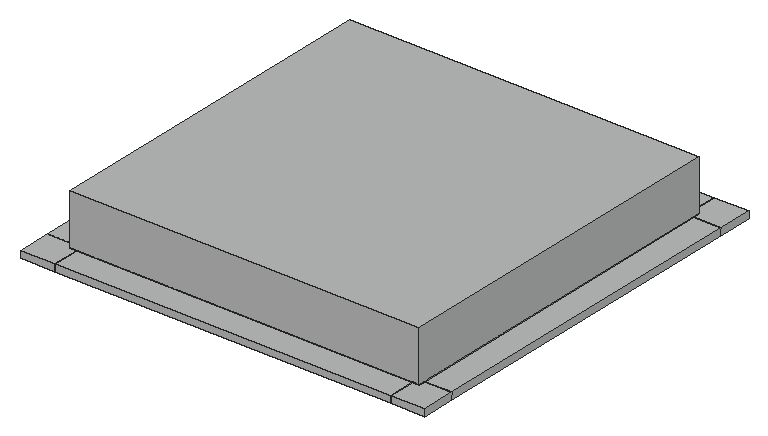
Revit family "ALUMOGIPS", category Осветительные приборы, Revit 2019 (continued)
Types (72, lengths in mm): name | Файл фотометрической сетки | built-in parameter 1150105 | Lumens | built-in parameter 1150106 | built-in parameter 1150142 | Wattage | Emit from Rectangle Width | Emit from Rectangle Length | Длина | Материал светильника | Ширина | ADSK_Ток | ADSK_Полная мощность | ADSK_Обозначение | ADSK_Номинальная мощность | ADSK_Наименование | ADSK_Масса | ADSK_Код изделия
    0.098 0.098 0.098 0.098 0.098 0.098 0.098 0.000 0.000 0.000 0.000 \r\n1417.637 1417.044 1413.295 1407.474 1398.890 1388.135 1374.815 1358.437 1340.184 1319.661 1296.869 1271.808 1244.971 1216.258 1185.673 1153.507 1120.158 1085.131 \r\n1048.823 1011.329 973.046 933.284 893.127 851.884 810.741 768.314 725.888 683.165 639.752 596.240 552.728 509.019 465.902 422.686 379.371 337.044 295.505 254.757 215.388 176.909 \r\n138.232 103.698 70.942 40.157 12.136 0.592 0.592 0.592 0.493 0.493 0.493 0.493 0.493 0.493 0.493 0.395 0.395 0.395 0.395 0.395 0.395 0.395 0.395 0.296 0.296 0.296 0.296 0.296 0.296 0.296 0.296 0.197 \r\n0.197 0.197 0.197 0.197 0.197 0.197 0.197 0.098 0.098 0.098 0.098 0.098 0.098 0.098 0.098 0.000 0.000 0.000 0.000 \r\n1417.637 1416.946 1413.197 1407.376 1398.693 1387.839 1374.520 1358.042 1339.789 1319.168 1296.376 1271.315 1244.477 1215.765 1185.179 1152.915 1119.566 1084.539 \r\n1048.230 1010.638 972.356 932.594 892.436 851.194 810.050 767.623 725.197 682.474 639.160 595.649 552.038 508.427 465.310 422.094 378.878 336.550 295.111 254.362 214.895 176.514 \r\n137.935 103.403 70.744 39.960 11.939 0.592 0.592 0.592 0.493 0.493 0.493 0.493 0.493 0.493 0.493 0.395 0.395 0.395 0.395 0.395 0.395 0.395 0.395 0.296 0.296 0.296 0.296 0.296 0.296 0.296 0.296 0.197 \r\n0.197 0.197 0.197 0.197 0.197 0.197 0.197 0.098 0.098 0.098 0.098 0.098 0.098 0.098 0.098 0.000 0.000 0.000 0.000 \r\n1417.637 1416.946 1413.098 1407.178 1398.495 1387.544 1374.223 1357.747 1339.395 1318.773 1295.882 1270.822 1243.886 1215.174 1184.587 1152.323 1118.974 1083.848 \r\n1047.540 1009.947 971.665 931.903 891.746 850.503 809.359 766.933 724.507 681.784 638.470 594.958 551.445 507.836 464.718 421.502 378.287 336.057 294.617 253.967 214.500 176.119 \r\n137.640 103.106 70.447 39.762 11.741 0.592 0.592 0.592 0.493 0.493 0.493 0.493 0.493 0.493 0.493 0.395 0.395 0.395 0.395 0.395 0.395 0.395 0.395 0.296 0.296 0.296 0.296 0.296 0.296 0.296 0.296 0.197 \r\n0.197 0.197 0.197 0.197 0.197 0.197 0.197 0.098 0.098 0.098 0.098 0.098 0.098 0.098 0.098 0.000 0.000 0.000 0.000 \r\n1417.637 1416.848 1412.999 1407.079 1398.298 1387.247 1373.829 1357.352 1339.000 1318.378 1295.488 1270.327 1243.392 1214.680 1183.995 1151.731 1118.283 1083.257 \r\n1046.849 1009.257 970.975 931.113 891.055 849.813 808.668 766.242 723.914 681.093 637.779 594.266 550.755 507.145 464.126 421.009 377.793 335.564 294.222 253.474 214.105 175.823 \r\n137.343 102.810 70.250 39.467 11.445 0.592 0.592 0.592 0.493 0.493 0.493 0.493 0.493 0.493 0.493 0.395 0.395 0.395 0.395 0.395 0.395 0.395 0.395 0.296 0.296 0.296 0.296 0.296 0.296 0.296 0.296 0.197 \r\n0.197 0.197 0.197 0.197 0.197 0.197 0.197 0.098 0.098 0.098 0.098 0.098 0.098 0.098 0.098 0.000 0.000 0.000 0.000 \r\n1417.637 1416.848 1412.901 1406.882 1398.002 1387.051 1373.533 1356.957 1338.605 1317.983 1294.994 1269.834 1242.899 1214.089 1183.403 1151.041 1117.692 1082.665 \r\n1046.257 1008.566 970.284 930.423 890.266 849.121 807.978 765.552 723.224 680.403 637.187 593.675 550.163 506.553 463.534 420.416 377.300 335.071 293.729 253.079 213.712 175.429 \r\n136.949 102.515 69.954 39.269 11.248 0.592 0.592 0.592 0.493 0.493 0.493 0.493 0.493 0.493 0.493 0.395 0.395 0.395 0.395 0.395 0.395 0.395 0.395 0.296 0.296 0.296 0.296 0.296 0.296 0.296 0.296 0.197 \r\n0.197 0.197 0.197 0.197 0.197 0.197 0.197 0.098 0.098 0.098 0.098 0.098 0.098 0.098 0.098 0.000 0.000 0.000 0.000 \r\n1417.637 1416.749 1412.802 1406.684 1397.805 1386.754 1373.237 1356.661 1338.210 1317.589 1294.599 1269.341 1242.406 1213.496 1182.811 1150.448 1117.099 1081.974 \r\n1045.566 1007.974 969.593 929.732 889.575 848.333 807.287 764.861 722.533 679.712 636.496 592.985 549.472 505.960 462.942 419.825 376.707 334.577 293.236 252.684 213.317 175.034 \r\n136.652 102.218 69.659 39.072 11.051 0.592 0.592 0.592 0.493 0.493 0.493 0.493 0.493 0.493 0.493 0.395 0.395 0.395 0.395 0.395 0.395 0.395 0.395 0.296 0.296 0.296 0.296 0.296 0.296 0.296 0.296 0.197 \r\n0.197 0.197 0.197 0.197 0.197 0.197 0.197 0.098 0.098 0.098 0.098 0.098 0.098 0.098 0.098 0.000 0.000 0.000 0.000 \r\n1417.637 1416.749 1412.704 1406.586 1397.607 1386.458 1372.941 1356.266 1337.815 1317.095 1294.106 1268.848 1241.813 1213.003 1182.219 1149.856 1116.409 1081.382 \r\n1044.876 1007.283 968.902 929.042 888.885 847.642 806.597 764.170 721.843 679.120 635.806 592.293 548.881 505.368 462.351 419.332 376.214 334.084 292.841 252.191 212.922 174.738 \r\n136.357 101.922 69.461 38.776 10.853 0.592 0.592 0.592 0.493 0.493 0.493 0.493 0.493 0.493 0.493 0.395 0.395 0.395 0.395 0.395 0.395 0.395 0.395 0.296 0.296 0.296 0.296 0.296 0.296 0.296 0.296 0.197 \r\n0.197 0.197 0.197 0.197 0.197 0.197 0.197 0.098 0.098 0.098 0.098 0.098 0.098 0.098 0.098 0.000 0.000 0.000 0.000 \r\n1417.637 1416.650 1412.604 1406.389 1397.311 1386.162 1372.546 1355.871 1337.421 1316.701 1293.613 1268.355 1241.320 1212.411 1181.627 1149.265 1115.816 1080.691 \r\n1044.284 1006.593 968.212 928.351 888.194 846.951 805.906 763.479 721.151 678.429 635.213 591.702 548.190 504.777 461.758 418.740 375.721 333.591 292.348 251.796 212.527 174.343 \r\n135.962 101.627 69.165 38.579 10.557 0.592 0.592 0.592 0.493 0.493 0.493 0.493 0.493 0.493 0.493 0.395 0.395 0.395 0.395 0.395 0.395 0.395 0.395 0.296 0.296 0.296 0.296 0.296 0.296 0.296 0.296 0.197 \r\n0.197 0.197 0.197 0.197 0.197 0.197 0.197 0.098 0.098 0.098 0.098 0.098 0.098 0.098 0.098 0.000 0.000 0.000 0.000 \r\n1417.637 1416.650 1412.506 1406.191 1397.114 1385.866 1372.250 1355.576 1337.027 1316.307 1293.218 1267.861 1240.827 1211.918 1181.035 1148.672 1115.225 1080.099 \r\n1043.593 1005.902 967.620 927.660 887.503 846.260 805.215 762.789 720.461 677.739 634.523 591.011 547.598 504.086 461.166 418.247 375.129 333.098 291.855 251.401 212.132 173.948 \r\n135.666 101.429 68.968 38.381 10.360 0.592 0.592 0.592 0.493 0.493 0.493 0.493 0.493 0.493 0.493 0.493 0.395 0.395 0.395 0.395 0.395 0.395 0.395 0.296 0.296 0.296 0.296 0.296 0.296 0.296 0.296 0.197 \r\n0.197 0.197 0.197 0.197 0.197 0.197 0.197 0.098 0.098 0.098 0.098 0.098 0.098 0.098 0.098 0.000 0.000 0.000 0.000 \r\n1417.637 1416.650 1412.407 1406.093 1396.917 1385.669 1371.954 1355.181 1336.632 1315.912 1292.725 1267.368 1240.334 1211.325 1180.443 1147.982 1114.633 1079.409 \r\n1042.903 1005.212 966.929 926.969 886.812 845.569 804.524 762.098 719.770 677.048 633.832 590.320 546.907 503.494 460.574 417.654 374.636 332.603 291.460 250.908 211.738 173.653 \r\n135.371 101.133 68.671 38.086 10.163 0.592 0.592 0.592 0.493 0.493 0.493 0.493 0.493 0.493 0.493 0.493 0.395 0.395 0.395 0.395 0.395 0.395 0.395 0.296 0.296 0.296 0.296 0.296 0.296 0.296 0.296 0.197 \r\n0.197 0.197 0.197 0.197 0.197 0.197 0.197 0.098 0.098 0.098 0.098 0.098 0.098 0.098 0.098 0.000 0.000 0.000 0.000 \r\n1417.637 1416.551 1412.309 1405.895 1396.621 1385.373 1371.559 1354.786 1336.237 1315.419 1292.232 1266.875 1239.742 1210.733 1179.851 1147.390 1113.942 1078.816 \r\n1042.310 1004.521 966.238 926.279 886.121 844.879 803.834 761.408 719.080 676.357 633.240 589.728 546.315 502.902 459.982 417.062 374.043 332.110 290.967 250.513 211.343 173.258 \r\n135.074 100.837 68.376 37.888 9.965 0.592 0.592 0.592 0.493 0.493 0.493 0.493 0.493 0.493 0.493 0.493 0.395 0.395 0.395 0.395 0.395 0.395 0.395 0.296 0.296 0.296 0.296 0.296 0.296 0.296 0.296 0.197 \r\n0.197 0.197 0.197 0.197 0.197 0.197 0.197 0.098 0.098 0.098 0.098 0.098 0.098 0.098 0.098 0.000 0.000 0.000 0.000 \r\n1417.637 1416.551 1412.111 1405.796 1396.423 1385.077 1371.264 1354.391 1335.842 1315.024 1291.837 1266.382 1239.248 1210.240 1179.259 1146.798 1113.350 1078.126 \r\n1041.620 1003.831 965.548 925.588 885.431 844.090 803.143 760.717 718.389 675.666 632.549 589.038 545.723 502.310 459.390 416.569 373.550 331.617 290.474 250.119 210.948 172.863 \r\n134.679 100.541 68.178 37.591 9.669 0.592 0.592 0.592 0.493 0.493 0.493 0.493 0.493 0.493 0.493 0.493 0.395 0.395 0.395 0.395 0.395 0.395 0.395 0.296 0.296 0.296 0.296 0.296 0.296 0.296 0.296 0.197 \r\n0.197 0.197 0.197 0.197 0.197 0.197 0.197 0.098 0.098 0.098 0.098 0.098 0.098 0.098 0.098 0.000 0.000 0.000 0.000 \r\n1417.637 1416.453 1412.013 1405.600 1396.226 1384.781 1370.968 1354.095 1335.448 1314.629 1291.344 1265.888 1238.754 1209.648 1178.667 1146.206 1112.758 1077.534 \r\n1040.929 1003.140 964.857 924.898 884.740 843.400 802.453 760.026 717.698 674.976 631.859 588.446 545.032 501.718 458.798 415.977 373.057 331.124 290.079 249.625 210.553 172.567 \r\n134.383 100.245 67.883 37.394 9.472 0.592 0.592 0.592 0.493 0.493 0.493 0.493 0.493 0.493 0.493 0.493 0.395 0.395 0.395 0.395 0.395 0.395 0.395 0.296 0.296 0.296 0.296 0.296 0.296 0.296 0.296 0.197 \r\n0.197 0.197 0.197 0.197 0.197 0.197 0.197 0.098 0.098 0.098 0.098 0.098 0.098 0.098 0.098 0.000 0.000 0.000 0.000 \r\n1417.637 1416.453 1411.914 1405.402 1395.930 1384.583 1370.671 1353.701 1335.053 1314.234 1290.850 1265.395 1238.261 1209.155 1178.075 1145.515 1112.067 1076.844 \r\n1040.239 1002.548 964.167 924.207 883.951 842.708 801.762 759.336 717.008 674.383 631.267 587.755 544.441 501.126 458.206 415.385 372.465 330.631 289.585 249.231 210.160 172.172 \r\n134.088 99.949 67.685 37.198 9.275 0.592 0.592 0.592 0.493 0.493 0.493 0.493 0.493 0.493 0.493 0.493 0.395 0.395 0.395 0.395 0.395 0.395 0.395 0.296 0.296 0.296 0.296 0.296 0.296 0.296 0.296 0.197 \r\n0.197 0.197 0.197 0.197 0.197 0.197 0.197 0.098 0.098 0.098 0.098 0.098 0.098 0.098 0.098 0.000 0.000 0.000 0.000 \r\n1417.637 1416.354 1411.816 1405.303 1395.733 1384.288 1370.276 1353.307 1334.658 1313.741 1290.456 1264.901 1237.669 1208.563 1177.582 1144.923 1111.476 1076.252 \r\n1039.646 1001.857 963.476 923.417 883.260 842.018 801.072 758.644 716.317 673.693 630.576 587.064 543.749 500.435 457.614 414.891 371.972 330.137 289.191 248.836 209.765 171.778 \r\n133.693 99.653 67.389 36.901 9.077 0.592 0.592 0.592 0.493 0.493 0.493 0.493 0.493 0.493 0.493 0.493 0.395 0.395 0.395 0.395 0.395 0.395 0.395 0.296 0.296 0.296 0.296 0.296 0.296 0.296 0.296 0.197 \r\n0.197 0.197 0.197 0.197 0.197 0.197 0.197 0.098 0.098 0.098 0.098 0.098 0.098 0.098 0.098 0.000 0.000 0.000 0.000 \r\n" | 25.582 W | 275 | 1175 | 1195 | RAL 9001 | 295 | 0.179584 A | 41.3043 VA | "Alumogips-38/opal-sand 295х1195 (IP40, 4000К, белый)" | 38 W | "Встраиваемый светодиодный светильник Alumogips-38/opal-sand 295х1195 (IP40, 4000К, белый) c БАП на 1 час" | 2.5 | "ЦБ000007973"
